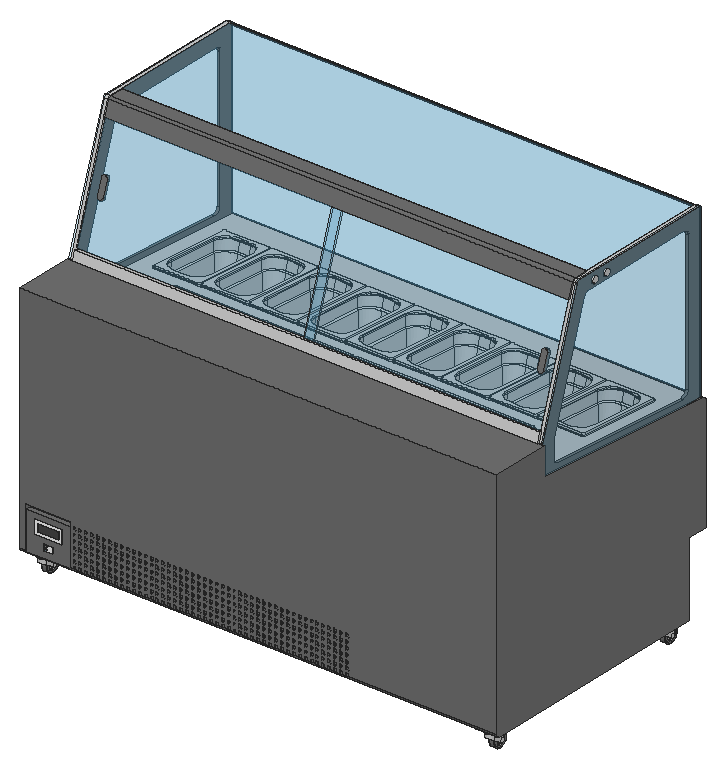
Revit family "QF_BLIZZARD_LUXE12_250923021643", category Specialty Equipment, Revit 2021 (continued)
Definition of nested family "QF_BLIZZARD_SUNDAE12_2920"
  Lines and regions (mm)
    symbolic lines
      curve 10: spline (1525, -418.376, 0) -> (1526.175, -418.299, 0) -> (1527.329, -418.07, 0) -> (1528.444, -417.693, 0) -> (1529.5, -417.174, 0) -> (1530.479, -416.522, 0) -> (1531.364, -415.748, 0) -> (1532.14, -414.866, 0) -> (1532.794, -413.89, 0) -> (1533.315, -412.838, 0) -> (1533.693, -411.727, 0) -> (1533.923, -410.576, 0) -> (1534, -409.405, 0)
      curve 11: spline (1375, -409.003, 0) -> (1375.051, -409.783, 0) -> (1375.204, -410.551, 0) -> (1375.457, -411.292, 0) -> (1375.804, -411.993, 0) -> (1376.24, -412.644, 0) -> (1376.757, -413.232, 0) -> (1377.347, -413.748, 0) -> (1378, -414.182, 0) -> (1378.704, -414.528, 0) -> (1379.447, -414.78, 0) -> (1380.217, -414.932, 0) -> (1381, -414.983, 0)
      curve 12: spline (1372, -409.405, 0) -> (1372.077, -410.576, 0) -> (1372.307, -411.727, 0) -> (1372.685, -412.838, 0) -> (1373.206, -413.89, 0) -> (1373.86, -414.866, 0) -> (1374.636, -415.748, 0) -> (1375.521, -416.522, 0) -> (1376.5, -417.174, 0) -> (1377.556, -417.693, 0) -> (1378.671, -418.07, 0) -> (1379.825, -418.299, 0) -> (1381, -418.376, 0)
      curve 13: line (1375, -122.932, 0) -> (1375, -409.003, 0)
      curve 14: line (1372, -123.333, 0) -> (1372, -409.405, 0)
      curve 15: spline (1531, -122.932, 0) -> (1530.949, -122.151, 0) -> (1530.796, -121.384, 0) -> (1530.543, -120.643, 0) -> (1530.196, -119.941, 0) -> (1529.76, -119.291, 0) -> (1529.243, -118.703, 0) -> (1528.653, -118.187, 0) -> (1528, -117.752, 0) -> (1527.296, -117.406, 0) -> (1526.553, -117.155, 0) -> (1525.783, -117.002, 0) -> (1525, -116.951, 0)
      curve 16: spline (1534, -123.333, 0) -> (1533.923, -122.163, 0) -> (1533.693, -121.012, 0) -> (1533.315, -119.9, 0) -> (1532.794, -118.848, 0) -> (1532.14, -117.872, 0) -> (1531.364, -116.99, 0) -> (1530.479, -116.216, 0) -> (1529.5, -115.564, 0) -> (1528.444, -115.045, 0) -> (1527.329, -114.668, 0) -> (1526.175, -114.439, 0) -> (1525, -114.363, 0)
      curve 17: line (1525, -114.363, 0) -> (1381, -114.363, 0)
      curve 18: line (1525, -116.951, 0) -> (1381, -116.951, 0)
      curve 19: spline (1381, -116.951, 0) -> (1380.217, -117.002, 0) -> (1379.447, -117.155, 0) -> (1378.704, -117.406, 0) -> (1378, -117.752, 0) -> (1377.347, -118.187, 0) -> (1376.757, -118.703, 0) -> (1376.24, -119.291, 0) -> (1375.804, -119.941, 0) -> (1375.457, -120.643, 0) -> (1375.204, -121.384, 0) -> (1375.051, -122.151, 0) -> (1375, -122.932, 0)
      curve 20: spline (1381, -114.363, 0) -> (1379.825, -114.439, 0) -> (1378.671, -114.668, 0) -> (1377.556, -115.045, 0) -> (1376.5, -115.564, 0) -> (1375.521, -116.216, 0) -> (1374.636, -116.99, 0) -> (1373.86, -117.872, 0) -> (1373.206, -118.848, 0) -> (1372.685, -119.9, 0) -> (1372.307, -121.012, 0) -> (1372.077, -122.163, 0) -> (1372, -123.333, 0)
      curve 21: spline (1519.5, -355.193, 0) -> (1519.089, -361.438, 0) -> (1517.864, -367.576, 0) -> (1515.846, -373.502, 0) -> (1513.069, -379.115, 0) -> (1509.581, -384.319, 0) -> (1505.441, -389.024, 0) -> (1500.721, -393.151, 0) -> (1495.5, -396.628, 0) -> (1489.869, -399.396, 0) -> (1483.923, -401.407, 0) -> (1477.765, -402.628, 0) -> (1471.5, -403.038, 0)
      curve 22: line (1471.5, -403.038, 0) -> (1434.5, -403.038, 0)
      curve 23: spline (1434.5, -403.038, 0) -> (1428.235, -402.628, 0) -> (1422.077, -401.407, 0) -> (1416.131, -399.396, 0) -> (1410.5, -396.628, 0) -> (1405.279, -393.151, 0) -> (1400.559, -389.024, 0) -> (1396.419, -384.319, 0) -> (1392.931, -379.115, 0) -> (1390.154, -373.502, 0) -> (1388.136, -367.576, 0) -> (1386.911, -361.438, 0) -> (1386.5, -355.193, 0)
      curve 24: line (1386.5, -355.193, 0) -> (1386.5, -176.741, 0)
      curve 25: line (1519.5, -176.741, 0) -> (1519.5, -355.193, 0)
      curve 26: spline (1386.5, -176.741, 0) -> (1386.911, -170.496, 0) -> (1388.136, -164.358, 0) -> (1390.154, -158.432, 0) -> (1392.931, -152.819, 0) -> (1396.419, -147.615, 0) -> (1400.559, -142.91, 0) -> (1405.279, -138.784, 0) -> (1410.5, -135.307, 0) -> (1416.131, -132.539, 0) -> (1422.077, -130.527, 0) -> (1428.235, -129.306, 0) -> (1434.5, -128.897, 0)
      curve 27: line (1434.5, -128.897, 0) -> (1471.5, -128.897, 0)
      curve 28: spline (1471.5, -128.897, 0) -> (1477.765, -129.306, 0) -> (1483.923, -130.527, 0) -> (1489.869, -132.539, 0) -> (1495.5, -135.307, 0) -> (1500.721, -138.784, 0) -> (1505.441, -142.91, 0) -> (1509.581, -147.615, 0) -> (1513.069, -152.819, 0) -> (1515.846, -158.432, 0) -> (1517.864, -164.358, 0) -> (1519.089, -170.496, 0) -> (1519.5, -176.741, 0)
      curve 29: line (1369, -409.003, 0) -> (1369, -122.932, 0)
      curve 30: spline (1363, -414.983, 0) -> (1363.783, -414.932, 0) -> (1364.553, -414.78, 0) -> (1365.296, -414.528, 0) -> (1366, -414.182, 0) -> (1366.653, -413.748, 0) -> (1367.243, -413.232, 0) -> (1367.76, -412.644, 0) -> (1368.196, -411.993, 0) -> (1368.543, -411.292, 0) -> (1368.796, -410.551, 0) -> (1368.949, -409.783, 0) -> (1369, -409.003, 0)
      curve 31: line (1219, -414.983, 0) -> (1363, -414.983, 0)
      curve 32: line (1219, -418.376, 0) -> (1363, -418.376, 0)
      curve 33: spline (1363, -418.376, 0) -> (1364.175, -418.299, 0) -> (1365.329, -418.07, 0) -> (1366.444, -417.693, 0) -> (1367.5, -417.174, 0) -> (1368.479, -416.522, 0) -> (1369.364, -415.748, 0) -> (1370.14, -414.866, 0) -> (1370.794, -413.89, 0) -> (1371.315, -412.838, 0) -> (1371.693, -411.727, 0) -> (1371.923, -410.576, 0) -> (1372, -409.405, 0)
      curve 34: spline (1213, -409.003, 0) -> (1213.051, -409.783, 0) -> (1213.204, -410.551, 0) -> (1213.457, -411.292, 0) -> (1213.804, -411.993, 0) -> (1214.24, -412.644, 0) -> (1214.757, -413.232, 0) -> (1215.347, -413.748, 0) -> (1216, -414.182, 0) -> (1216.704, -414.528, 0) -> (1217.447, -414.78, 0) -> (1218.217, -414.932, 0) -> (1219, -414.983, 0)
      curve 35: spline (1210, -409.405, 0) -> (1210.077, -410.576, 0) -> (1210.307, -411.727, 0) -> (1210.685, -412.838, 0) -> (1211.206, -413.89, 0) -> (1211.86, -414.866, 0) -> (1212.636, -415.748, 0) -> (1213.521, -416.522, 0) -> (1214.5, -417.174, 0) -> (1215.556, -417.693, 0) -> (1216.671, -418.07, 0) -> (1217.825, -418.299, 0) -> (1219, -418.376, 0)
      curve 36: line (1213, -122.932, 0) -> (1213, -409.003, 0)
      curve 37: line (1210, -123.333, 0) -> (1210, -409.405, 0)
      curve 38: spline (1369, -122.932, 0) -> (1368.949, -122.151, 0) -> (1368.796, -121.384, 0) -> (1368.543, -120.643, 0) -> (1368.196, -119.941, 0) -> (1367.76, -119.291, 0) -> (1367.243, -118.703, 0) -> (1366.653, -118.187, 0) -> (1366, -117.752, 0) -> (1365.296, -117.406, 0) -> (1364.553, -117.155, 0) -> (1363.783, -117.002, 0) -> (1363, -116.951, 0)
      curve 39: spline (1372, -123.333, 0) -> (1371.923, -122.163, 0) -> (1371.693, -121.012, 0) -> (1371.315, -119.9, 0) -> (1370.794, -118.848, 0) -> (1370.14, -117.872, 0) -> (1369.364, -116.99, 0) -> (1368.479, -116.216, 0) -> (1367.5, -115.564, 0) -> (1366.444, -115.045, 0) -> (1365.329, -114.668, 0) -> (1364.175, -114.439, 0) -> (1363, -114.363, 0)
      curve 40: line (1363, -114.363, 0) -> (1219, -114.363, 0)
      curve 41: line (1363, -116.951, 0) -> (1219, -116.951, 0)
      curve 42: spline (1219, -116.951, 0) -> (1218.217, -117.002, 0) -> (1217.447, -117.155, 0) -> (1216.704, -117.406, 0) -> (1216, -117.752, 0) -> (1215.347, -118.187, 0) -> (1214.757, -118.703, 0) -> (1214.24, -119.291, 0) -> (1213.804, -119.941, 0) -> (1213.457, -120.643, 0) -> (1213.204, -121.384, 0) -> (1213.051, -122.151, 0) -> (1213, -122.932, 0)
      curve 43: spline (1219, -114.363, 0) -> (1217.825, -114.439, 0) -> (1216.671, -114.668, 0) -> (1215.556, -115.045, 0) -> (1214.5, -115.564, 0) -> (1213.521, -116.216, 0) -> (1212.636, -116.99, 0) -> (1211.86, -117.872, 0) -> (1211.206, -118.848, 0) -> (1210.685, -119.9, 0) -> (1210.307, -121.012, 0) -> (1210.077, -122.163, 0) -> (1210, -123.333, 0)
      curve 44: spline (1357.5, -355.193, 0) -> (1357.089, -361.438, 0) -> (1355.864, -367.576, 0) -> (1353.846, -373.502, 0) -> (1351.069, -379.115, 0) -> (1347.581, -384.319, 0) -> (1343.441, -389.024, 0) -> (1338.721, -393.151, 0) -> (1333.5, -396.628, 0) -> (1327.869, -399.396, 0) -> (1321.923, -401.407, 0) -> (1315.765, -402.628, 0) -> (1309.5, -403.038, 0)
      curve 45: line (1309.5, -403.038, 0) -> (1272.5, -403.038, 0)
      curve 46: spline (1272.5, -403.038, 0) -> (1266.235, -402.628, 0) -> (1260.077, -401.407, 0) -> (1254.131, -399.396, 0) -> (1248.5, -396.628, 0) -> (1243.279, -393.151, 0) -> (1238.559, -389.024, 0) -> (1234.419, -384.319, 0) -> (1230.931, -379.115, 0) -> (1228.154, -373.502, 0) -> (1226.136, -367.576, 0) -> (1224.911, -361.438, 0) -> (1224.5, -355.193, 0)
      curve 47: line (1224.5, -355.193, 0) -> (1224.5, -176.741, 0)
      curve 48: line (1357.5, -176.741, 0) -> (1357.5, -355.193, 0)
      curve 49: spline (1224.5, -176.741, 0) -> (1224.911, -170.496, 0) -> (1226.136, -164.358, 0) -> (1228.154, -158.432, 0) -> (1230.931, -152.819, 0) -> (1234.419, -147.615, 0) -> (1238.559, -142.91, 0) -> (1243.279, -138.784, 0) -> (1248.5, -135.307, 0) -> (1254.131, -132.539, 0) -> (1260.077, -130.527, 0) -> (1266.235, -129.306, 0) -> (1272.5, -128.897, 0)
      curve 50: line (1272.5, -128.897, 0) -> (1309.5, -128.897, 0)
      curve 51: spline (1309.5, -128.897, 0) -> (1315.765, -129.306, 0) -> (1321.923, -130.527, 0) -> (1327.869, -132.539, 0) -> (1333.5, -135.307, 0) -> (1338.721, -138.784, 0) -> (1343.441, -142.91, 0) -> (1347.581, -147.615, 0) -> (1351.069, -152.819, 0) -> (1353.846, -158.432, 0) -> (1355.864, -164.358, 0) -> (1357.089, -170.496, 0) -> (1357.5, -176.741, 0)
      curve 52: line (1207, -409.003, 0) -> (1207, -122.932, 0)
      curve 53: spline (1201, -414.983, 0) -> (1201.783, -414.932, 0) -> (1202.553, -414.78, 0) -> (1203.296, -414.528, 0) -> (1204, -414.182, 0) -> (1204.653, -413.748, 0) -> (1205.243, -413.232, 0) -> (1205.76, -412.644, 0) -> (1206.196, -411.993, 0) -> (1206.543, -411.292, 0) -> (1206.796, -410.551, 0) -> (1206.949, -409.783, 0) -> (1207, -409.003, 0)
      curve 54: line (1057, -414.983, 0) -> (1201, -414.983, 0)
      curve 55: line (1057, -418.376, 0) -> (1201, -418.376, 0)
      curve 56: spline (1201, -418.376, 0) -> (1202.175, -418.299, 0) -> (1203.329, -418.07, 0) -> (1204.444, -417.693, 0) -> (1205.5, -417.174, 0) -> (1206.479, -416.522, 0) -> (1207.364, -415.748, 0) -> (1208.14, -414.866, 0) -> (1208.794, -413.89, 0) -> (1209.315, -412.838, 0) -> (1209.693, -411.727, 0) -> (1209.923, -410.576, 0) -> (1210, -409.405, 0)
      curve 57: spline (1051, -409.003, 0) -> (1051.051, -409.783, 0) -> (1051.204, -410.551, 0) -> (1051.457, -411.292, 0) -> (1051.804, -411.993, 0) -> (1052.24, -412.644, 0) -> (1052.757, -413.232, 0) -> (1053.347, -413.748, 0) -> (1054, -414.182, 0) -> (1054.704, -414.528, 0) -> (1055.447, -414.78, 0) -> (1056.217, -414.932, 0) -> (1057, -414.983, 0)
      curve 58: spline (1048, -409.405, 0) -> (1048.077, -410.576, 0) -> (1048.307, -411.727, 0) -> (1048.685, -412.838, 0) -> (1049.206, -413.89, 0) -> (1049.86, -414.866, 0) -> (1050.636, -415.748, 0) -> (1051.521, -416.522, 0) -> (1052.5, -417.174, 0) -> (1053.556, -417.693, 0) -> (1054.671, -418.07, 0) -> (1055.825, -418.299, 0) -> (1057, -418.376, 0)
      curve 59: line (1051, -122.932, 0) -> (1051, -409.003, 0)
      curve 60: line (1048, -123.333, 0) -> (1048, -409.405, 0)
      curve 61: spline (1207, -122.932, 0) -> (1206.949, -122.151, 0) -> (1206.796, -121.384, 0) -> (1206.543, -120.643, 0) -> (1206.196, -119.941, 0) -> (1205.76, -119.291, 0) -> (1205.243, -118.703, 0) -> (1204.653, -118.187, 0) -> (1204, -117.752, 0) -> (1203.296, -117.406, 0) -> (1202.553, -117.155, 0) -> (1201.783, -117.002, 0) -> (1201, -116.951, 0)
      curve 62: spline (1210, -123.333, 0) -> (1209.923, -122.163, 0) -> (1209.693, -121.012, 0) -> (1209.315, -119.9, 0) -> (1208.794, -118.848, 0) -> (1208.14, -117.872, 0) -> (1207.364, -116.99, 0) -> (1206.479, -116.216, 0) -> (1205.5, -115.564, 0) -> (1204.444, -115.045, 0) -> (1203.329, -114.668, 0) -> (1202.175, -114.439, 0) -> (1201, -114.363, 0)
      curve 63: line (1201, -114.363, 0) -> (1057, -114.363, 0)
      curve 64: line (1201, -116.951, 0) -> (1057, -116.951, 0)
      curve 65: spline (1057, -116.951, 0) -> (1056.217, -117.002, 0) -> (1055.447, -117.155, 0) -> (1054.704, -117.406, 0) -> (1054, -117.752, 0) -> (1053.347, -118.187, 0) -> (1052.757, -118.703, 0) -> (1052.24, -119.291, 0) -> (1051.804, -119.941, 0) -> (1051.457, -120.643, 0) -> (1051.204, -121.384, 0) -> (1051.051, -122.151, 0) -> (1051, -122.932, 0)
      curve 66: spline (1057, -114.363, 0) -> (1055.825, -114.439, 0) -> (1054.671, -114.668, 0) -> (1053.556, -115.045, 0) -> (1052.5, -115.564, 0) -> (1051.521, -116.216, 0) -> (1050.636, -116.99, 0) -> (1049.86, -117.872, 0) -> (1049.206, -118.848, 0) -> (1048.685, -119.9, 0) -> (1048.307, -121.012, 0) -> (1048.077, -122.163, 0) -> (1048, -123.333, 0)
      curve 67: spline (1195.5, -355.193, 0) -> (1195.089, -361.438, 0) -> (1193.864, -367.576, 0) -> (1191.846, -373.502, 0) -> (1189.069, -379.115, 0) -> (1185.581, -384.319, 0) -> (1181.441, -389.024, 0) -> (1176.721, -393.151, 0) -> (1171.5, -396.628, 0) -> (1165.869, -399.396, 0) -> (1159.923, -401.407, 0) -> (1153.765, -402.628, 0) -> (1147.5, -403.038, 0)
      curve 68: line (1147.5, -403.038, 0) -> (1110.5, -403.038, 0)
      curve 69: spline (1110.5, -403.038, 0) -> (1104.235, -402.628, 0) -> (1098.077, -401.407, 0) -> (1092.131, -399.396, 0) -> (1086.5, -396.628, 0) -> (1081.279, -393.151, 0) -> (1076.559, -389.024, 0) -> (1072.419, -384.319, 0) -> (1068.931, -379.115, 0) -> (1066.154, -373.502, 0) -> (1064.136, -367.576, 0) -> (1062.911, -361.438, 0) -> (1062.5, -355.193, 0)
      curve 70: line (1062.5, -355.193, 0) -> (1062.5, -176.741, 0)
      curve 71: line (1195.5, -176.741, 0) -> (1195.5, -355.193, 0)
      curve 72: spline (1062.5, -176.741, 0) -> (1062.911, -170.496, 0) -> (1064.136, -164.358, 0) -> (1066.154, -158.432, 0) -> (1068.931, -152.819, 0) -> (1072.419, -147.615, 0) -> (1076.559, -142.91, 0) -> (1081.279, -138.784, 0) -> (1086.5, -135.307, 0) -> (1092.131, -132.539, 0) -> (1098.077, -130.527, 0) -> (1104.235, -129.306, 0) -> (1110.5, -128.897, 0)
      curve 73: line (1110.5, -128.897, 0) -> (1147.5, -128.897, 0)
      curve 74: spline (1147.5, -128.897, 0) -> (1153.765, -129.306, 0) -> (1159.923, -130.527, 0) -> (1165.869, -132.539, 0) -> (1171.5, -135.307, 0) -> (1176.721, -138.784, 0) -> (1181.441, -142.91, 0) -> (1185.581, -147.615, 0) -> (1189.069, -152.819, 0) -> (1191.846, -158.432, 0) -> (1193.864, -164.358, 0) -> (1195.089, -170.496, 0) -> (1195.5, -176.741, 0)
      curve 75: line (1045, -409.003, 0) -> (1045, -122.932, 0)
      curve 76: spline (1039, -414.983, 0) -> (1039.783, -414.932, 0) -> (1040.553, -414.78, 0) -> (1041.296, -414.528, 0) -> (1042, -414.182, 0) -> (1042.653, -413.748, 0) -> (1043.243, -413.232, 0) -> (1043.76, -412.644, 0) -> (1044.196, -411.993, 0) -> (1044.543, -411.292, 0) -> (1044.796, -410.551, 0) -> (1044.949, -409.783, 0) -> (1045, -409.003, 0)
      curve 77: line (895, -414.983, 0) -> (1039, -414.983, 0)
      curve 78: line (895, -418.376, 0) -> (1039, -418.376, 0)
      curve 79: spline (1039, -418.376, 0) -> (1040.175, -418.299, 0) -> (1041.329, -418.07, 0) -> (1042.444, -417.693, 0) -> (1043.5, -417.174, 0) -> (1044.479, -416.522, 0) -> (1045.364, -415.748, 0) -> (1046.14, -414.866, 0) -> (1046.794, -413.89, 0) -> (1047.315, -412.838, 0) -> (1047.693, -411.727, 0) -> (1047.923, -410.576, 0) -> (1048, -409.405, 0)
      curve 80: spline (889, -409.003, 0) -> (889.051, -409.783, 0) -> (889.204, -410.551, 0) -> (889.457, -411.292, 0) -> (889.804, -411.993, 0) -> (890.24, -412.644, 0) -> (890.757, -413.232, 0) -> (891.347, -413.748, 0) -> (892, -414.182, 0) -> (892.704, -414.528, 0) -> (893.447, -414.78, 0) -> (894.217, -414.932, 0) -> (895, -414.983, 0)
      curve 81: spline (886, -409.405, 0) -> (886.077, -410.576, 0) -> (886.307, -411.727, 0) -> (886.685, -412.838, 0) -> (887.206, -413.89, 0) -> (887.86, -414.866, 0) -> (888.636, -415.748, 0) -> (889.521, -416.522, 0) -> (890.5, -417.174, 0) -> (891.556, -417.693, 0) -> (892.671, -418.07, 0) -> (893.825, -418.299, 0) -> (895, -418.376, 0)
      curve 82: line (889, -122.932, 0) -> (889, -409.003, 0)
      curve 83: line (886, -123.333, 0) -> (886, -409.405, 0)
      curve 84: spline (1045, -122.932, 0) -> (1044.949, -122.151, 0) -> (1044.796, -121.384, 0) -> (1044.543, -120.643, 0) -> (1044.196, -119.941, 0) -> (1043.76, -119.291, 0) -> (1043.243, -118.703, 0) -> (1042.653, -118.187, 0) -> (1042, -117.752, 0) -> (1041.296, -117.406, 0) -> (1040.553, -117.155, 0) -> (1039.783, -117.002, 0) -> (1039, -116.951, 0)
      curve 85: spline (1048, -123.333, 0) -> (1047.923, -122.163, 0) -> (1047.693, -121.012, 0) -> (1047.315, -119.9, 0) -> (1046.794, -118.848, 0) -> (1046.14, -117.872, 0) -> (1045.364, -116.99, 0) -> (1044.479, -116.216, 0) -> (1043.5, -115.564, 0) -> (1042.444, -115.045, 0) -> (1041.329, -114.668, 0) -> (1040.175, -114.439, 0) -> (1039, -114.363, 0)
      curve 86: line (1039, -114.363, 0) -> (895, -114.363, 0)
      curve 87: line (1039, -116.951, 0) -> (895, -116.951, 0)
      curve 88: spline (895, -116.951, 0) -> (894.217, -117.002, 0) -> (893.447, -117.155, 0) -> (892.704, -117.406, 0) -> (892, -117.752, 0) -> (891.347, -118.187, 0) -> (890.757, -118.703, 0) -> (890.24, -119.291, 0) -> (889.804, -119.941, 0) -> (889.457, -120.643, 0) -> (889.204, -121.384, 0) -> (889.051, -122.151, 0) -> (889, -122.932, 0)
      curve 89: spline (895, -114.363, 0) -> (893.825, -114.439, 0) -> (892.671, -114.668, 0) -> (891.556, -115.045, 0) -> (890.5, -115.564, 0) -> (889.521, -116.216, 0) -> (888.636, -116.99, 0) -> (887.86, -117.872, 0) -> (887.206, -118.848, 0) -> (886.685, -119.9, 0) -> (886.307, -121.012, 0) -> (886.077, -122.163, 0) -> (886, -123.333, 0)
      curve 90: spline (1033.5, -355.193, 0) -> (1033.089, -361.438, 0) -> (1031.864, -367.576, 0) -> (1029.846, -373.502, 0) -> (1027.069, -379.115, 0) -> (1023.581, -384.319, 0) -> (1019.441, -389.024, 0) -> (1014.721, -393.151, 0) -> (1009.5, -396.628, 0) -> (1003.869, -399.396, 0) -> (997.923, -401.407, 0) -> (991.765, -402.628, 0) -> (985.5, -403.038, 0)
      curve 91: line (985.5, -403.038, 0) -> (948.5, -403.038, 0)
      curve 92: spline (948.5, -403.038, 0) -> (942.235, -402.628, 0) -> (936.077, -401.407, 0) -> (930.131, -399.396, 0) -> (924.5, -396.628, 0) -> (919.279, -393.151, 0) -> (914.559, -389.024, 0) -> (910.419, -384.319, 0) -> (906.931, -379.115, 0) -> (904.154, -373.502, 0) -> (902.136, -367.576, 0) -> (900.911, -361.438, 0) -> (900.5, -355.193, 0)
      curve 93: line (900.5, -355.193, 0) -> (900.5, -176.741, 0)
      curve 94: line (1033.5, -176.741, 0) -> (1033.5, -355.193, 0)
      curve 95: spline (900.5, -176.741, 0) -> (900.911, -170.496, 0) -> (902.136, -164.358, 0) -> (904.154, -158.432, 0) -> (906.931, -152.819, 0) -> (910.419, -147.615, 0) -> (914.559, -142.91, 0) -> (919.279, -138.784, 0) -> (924.5, -135.307, 0) -> (930.131, -132.539, 0) -> (936.077, -130.527, 0) -> (942.235, -129.306, 0) -> (948.5, -128.897, 0)
      curve 96: line (948.5, -128.897, 0) -> (985.5, -128.897, 0)
      curve 97: spline (985.5, -128.897, 0) -> (991.765, -129.306, 0) -> (997.923, -130.527, 0) -> (1003.869, -132.539, 0) -> (1009.5, -135.307, 0) -> (1014.721, -138.784, 0) -> (1019.441, -142.91, 0) -> (1023.581, -147.615, 0) -> (1027.069, -152.819, 0) -> (1029.846, -158.432, 0) -> (1031.864, -164.358, 0) -> (1033.089, -170.496, 0) -> (1033.5, -176.741, 0)
      curve 98: line (883, -409.003, 0) -> (883, -122.932, 0)
      curve 99: spline (877, -414.983, 0) -> (877.783, -414.932, 0) -> (878.553, -414.78, 0) -> (879.296, -414.528, 0) -> (880, -414.182, 0) -> (880.653, -413.748, 0) -> (881.243, -413.232, 0) -> (881.76, -412.644, 0) -> (882.196, -411.993, 0) -> (882.543, -411.292, 0) -> (882.796, -410.551, 0) -> (882.949, -409.783, 0) -> (883, -409.003, 0)
      curve 100: line (733, -414.983, 0) -> (877, -414.983, 0)
      curve 101: line (733, -418.376, 0) -> (877, -418.376, 0)
      curve 102: spline (877, -418.376, 0) -> (878.175, -418.299, 0) -> (879.329, -418.07, 0) -> (880.444, -417.693, 0) -> (881.5, -417.174, 0) -> (882.479, -416.522, 0) -> (883.364, -415.748, 0) -> (884.14, -414.866, 0) -> (884.794, -413.89, 0) -> (885.315, -412.838, 0) -> (885.693, -411.727, 0) -> (885.923, -410.576, 0) -> (886, -409.405, 0)
      curve 103: spline (727, -409.003, 0) -> (727.051, -409.783, 0) -> (727.204, -410.551, 0) -> (727.457, -411.292, 0) -> (727.804, -411.993, 0) -> (728.24, -412.644, 0) -> (728.757, -413.232, 0) -> (729.347, -413.748, 0) -> (730, -414.182, 0) -> (730.704, -414.528, 0) -> (731.447, -414.78, 0) -> (732.217, -414.932, 0) -> (733, -414.983, 0)
      curve 104: spline (724, -409.405, 0) -> (724.077, -410.576, 0) -> (724.307, -411.727, 0) -> (724.685, -412.838, 0) -> (725.206, -413.89, 0) -> (725.86, -414.866, 0) -> (726.636, -415.748, 0) -> (727.521, -416.522, 0) -> (728.5, -417.174, 0) -> (729.556, -417.693, 0) -> (730.671, -418.07, 0) -> (731.825, -418.299, 0) -> (733, -418.376, 0)
      curve 105: line (727, -122.932, 0) -> (727, -409.003, 0)
      curve 106: line (724, -123.333, 0) -> (724, -409.405, 0)
      curve 107: spline (883, -122.932, 0) -> (882.949, -122.151, 0) -> (882.796, -121.384, 0) -> (882.543, -120.643, 0) -> (882.196, -119.941, 0) -> (881.76, -119.291, 0) -> (881.243, -118.703, 0) -> (880.653, -118.187, 0) -> (880, -117.752, 0) -> (879.296, -117.406, 0) -> (878.553, -117.155, 0) -> (877.783, -117.002, 0) -> (877, -116.951, 0)
      curve 108: spline (886, -123.333, 0) -> (885.923, -122.163, 0) -> (885.693, -121.012, 0) -> (885.315, -119.9, 0) -> (884.794, -118.848, 0) -> (884.14, -117.872, 0) -> (883.364, -116.99, 0) -> (882.479, -116.216, 0) -> (881.5, -115.564, 0) -> (880.444, -115.045, 0) -> (879.329, -114.668, 0) -> (878.175, -114.439, 0) -> (877, -114.363, 0)
      curve 109: line (877, -114.363, 0) -> (733, -114.363, 0)
      curve 110: line (877, -116.951, 0) -> (733, -116.951, 0)
      curve 111: spline (733, -116.951, 0) -> (732.217, -117.002, 0) -> (731.447, -117.155, 0) -> (730.704, -117.406, 0) -> (730, -117.752, 0) -> (729.347, -118.187, 0) -> (728.757, -118.703, 0) -> (728.24, -119.291, 0) -> (727.804, -119.941, 0) -> (727.457, -120.643, 0) -> (727.204, -121.384, 0) -> (727.051, -122.151, 0) -> (727, -122.932, 0)
      curve 112: spline (733, -114.363, 0) -> (731.825, -114.439, 0) -> (730.671, -114.668, 0) -> (729.556, -115.045, 0) -> (728.5, -115.564, 0) -> (727.521, -116.216, 0) -> (726.636, -116.99, 0) -> (725.86, -117.872, 0) -> (725.206, -118.848, 0) -> (724.685, -119.9, 0) -> (724.307, -121.012, 0) -> (724.077, -122.163, 0) -> (724, -123.333, 0)
      curve 113: spline (871.5, -355.193, 0) -> (871.089, -361.438, 0) -> (869.864, -367.576, 0) -> (867.846, -373.502, 0) -> (865.069, -379.115, 0) -> (861.581, -384.319, 0) -> (857.441, -389.024, 0) -> (852.721, -393.151, 0) -> (847.5, -396.628, 0) -> (841.869, -399.396, 0) -> (835.923, -401.407, 0) -> (829.765, -402.628, 0) -> (823.5, -403.038, 0)
      curve 114: line (823.5, -403.038, 0) -> (786.5, -403.038, 0)
      curve 115: spline (786.5, -403.038, 0) -> (780.235, -402.628, 0) -> (774.077, -401.407, 0) -> (768.131, -399.396, 0) -> (762.5, -396.628, 0) -> (757.279, -393.151, 0) -> (752.559, -389.024, 0) -> (748.419, -384.319, 0) -> (744.931, -379.115, 0) -> (742.154, -373.502, 0) -> (740.136, -367.576, 0) -> (738.911, -361.438, 0) -> (738.5, -355.193, 0)
      curve 116: line (738.5, -355.193, 0) -> (738.5, -176.741, 0)
      curve 117: line (871.5, -176.741, 0) -> (871.5, -355.193, 0)
      curve 118: spline (738.5, -176.741, 0) -> (738.911, -170.496, 0) -> (740.136, -164.358, 0) -> (742.154, -158.432, 0) -> (744.931, -152.819, 0) -> (748.419, -147.615, 0) -> (752.559, -142.91, 0) -> (757.279, -138.784, 0) -> (762.5, -135.307, 0) -> (768.131, -132.539, 0) -> (774.077, -130.527, 0) -> (780.235, -129.306, 0) -> (786.5, -128.897, 0)
      curve 119: line (786.5, -128.897, 0) -> (823.5, -128.897, 0)
      curve 120: spline (823.5, -128.897, 0) -> (829.765, -129.306, 0) -> (835.923, -130.527, 0) -> (841.869, -132.539, 0) -> (847.5, -135.307, 0) -> (852.721, -138.784, 0) -> (857.441, -142.91, 0) -> (861.581, -147.615, 0) -> (865.069, -152.819, 0) -> (867.846, -158.432, 0) -> (869.864, -164.358, 0) -> (871.089, -170.496, 0) -> (871.5, -176.741, 0)
      curve 121: line (1610, -679, 0) -> (0, -679, 0)
      curve 122: line (70, -612.35, 0) -> (70, -596.072, 0)
      curve 123: spline (70, -612.35, 0) -> (69.659, -613.193, 0) -> (68.66, -613.978, 0) -> (67.071, -614.652, 0) -> (65, -615.17, 0) -> (62.588, -615.495, 0) -> (60, -615.606, 0) -> (57.412, -615.495, 0) -> (55, -615.17, 0) -> (52.929, -614.652, 0) -> (51.34, -613.978, 0) -> (50.341, -613.193, 0) -> (50, -612.35, 0)
      curve 124: line (50, -596.072, 0) -> (50, -612.35, 0)
      curve 125: spline (50, -596.072, 0) -> (50.341, -595.229, 0) -> (51.34, -594.444, 0) -> (52.929, -593.77, 0) -> (55, -593.252, 0) -> (57.412, -592.927, 0) -> (60, -592.816, 0) -> (62.588, -592.927, 0) -> (65, -593.252, 0) -> (67.071, -593.77, 0) -> (68.66, -594.444, 0) -> (69.659, -595.229, 0) -> (70, -596.072, 0)
      curve 126: spline (1540, -600.799, 0) -> (1540.341, -599.957, 0) -> (1541.34, -599.171, 0) -> (1542.929, -598.497, 0) -> (1545, -597.98, 0) -> (1547.412, -597.655, 0) -> (1550, -597.544, 0) -> (1552.588, -597.655, 0) -> (1555, -597.98, 0) -> (1557.071, -598.497, 0) -> (1558.66, -599.171, 0) -> (1559.659, -599.957, 0) -> (1560, -600.799, 0)
      curve 127: line (1560, -617.078, 0) -> (1560, -600.799, 0)
      curve 128: spline (1560, -617.078, 0) -> (1559.659, -617.92, 0) -> (1558.66, -618.706, 0) -> (1557.071, -619.38, 0) -> (1555, -619.897, 0) -> (1552.588, -620.222, 0) -> (1550, -620.333, 0) -> (1547.412, -620.222, 0) -> (1545, -619.897, 0) -> (1542.929, -619.38, 0) -> (1541.34, -618.706, 0) -> (1540.341, -617.92, 0) -> (1540, -617.078, 0)
      curve 129: line (1540, -600.799, 0) -> (1540, -617.078, 0)
      curve 130: line (1590, 1, 0) -> (1590, -679, 0)
      curve 131: line (20, -679, 0) -> (20, 1, 0)
      curve 132: line (1590, -473.462, 0) -> (20, -473.462, 0)
      curve 133: line (1590, -549.195, 0) -> (20, -549.195, 0)
      curve 134: line (1414, -620.214, 0) -> (1414, -549.195, 0)
      curve 135: spline (1405, -629.185, 0) -> (1406.175, -629.108, 0) -> (1407.329, -628.879, 0) -> (1408.444, -628.502, 0) -> (1409.5, -627.983, 0) -> (1410.479, -627.331, 0) -> (1411.364, -626.557, 0) -> (1412.14, -625.675, 0) -> (1412.794, -624.699, 0) -> (1413.315, -623.647, 0) -> (1413.693, -622.536, 0) -> (1413.923, -621.385, 0) -> (1414, -620.214, 0)
      curve 136: line (1118, -629.185, 0) -> (1405, -629.185, 0)
      curve 137: line (1109, -549.195, 0) -> (1109, -620.214, 0)
      curve 138: spline (1109, -620.214, 0) -> (1109.077, -621.385, 0) -> (1109.307, -622.536, 0) -> (1109.685, -623.647, 0) -> (1110.206, -624.699, 0) -> (1110.86, -625.675, 0) -> (1111.636, -626.557, 0) -> (1112.521, -627.331, 0) -> (1113.5, -627.983, 0) -> (1114.556, -628.502, 0) -> (1115.671, -628.879, 0) -> (1116.825, -629.108, 0) -> (1118, -629.185, 0)
      curve 139: spline (1100, -629.185, 0) -> (1101.175, -629.108, 0) -> (1102.329, -628.879, 0) -> (1103.444, -628.502, 0) -> (1104.5, -627.983, 0) -> (1105.479, -627.331, 0) -> (1106.364, -626.557, 0) -> (1107.14, -625.675, 0) -> (1107.794, -624.699, 0) -> (1108.315, -623.647, 0) -> (1108.693, -622.536, 0) -> (1108.923, -621.385, 0) -> (1109, -620.214, 0)
      curve 140: line (813, -629.185, 0) -> (1100, -629.185, 0)
      curve 141: spline (804, -620.214, 0) -> (804.077, -621.385, 0) -> (804.307, -622.536, 0) -> (804.685, -623.647, 0) -> (805.206, -624.699, 0) -> (805.86, -625.675, 0) -> (806.636, -626.557, 0) -> (807.521, -627.331, 0) -> (808.5, -627.983, 0) -> (809.556, -628.502, 0) -> (810.671, -628.879, 0) -> (811.825, -629.108, 0) -> (813, -629.185, 0)
      curve 142: line (804, -549.195, 0) -> (804, -620.214, 0)
      curve 143: line (818.985, -566.485, 0) -> (818.985, -549.195, 0)
      curve 144: spline (866.985, -614.33, 0) -> (860.719, -613.92, 0) -> (854.561, -612.699, 0) -> (848.616, -610.688, 0) -> (842.985, -607.92, 0) -> (837.764, -604.443, 0) -> (833.043, -600.316, 0) -> (828.904, -595.611, 0) -> (825.415, -590.407, 0) -> (822.638, -584.794, 0) -> (820.62, -578.868, 0) -> (819.395, -572.73, 0) -> (818.985, -566.485, 0)
      curve 145: line (1046.015, -614.33, 0) -> (866.985, -614.33, 0)
      curve 146: spline (1094.015, -566.485, 0) -> (1093.605, -572.73, 0) -> (1092.38, -578.868, 0) -> (1090.362, -584.794, 0) -> (1087.585, -590.407, 0) -> (1084.096, -595.611, 0) -> (1079.957, -600.316, 0) -> (1075.236, -604.443, 0) -> (1070.015, -607.92, 0) -> (1064.384, -610.688, 0) -> (1058.439, -612.699, 0) -> (1052.281, -613.92, 0) -> (1046.015, -614.33, 0)
      curve 147: line (1123.985, -566.485, 0) -> (1123.985, -549.195, 0)
      curve 148: spline (1171.985, -614.33, 0) -> (1165.719, -613.92, 0) -> (1159.561, -612.699, 0) -> (1153.616, -610.688, 0) -> (1147.985, -607.92, 0) -> (1142.764, -604.443, 0) -> (1138.043, -600.316, 0) -> (1133.904, -595.611, 0) -> (1130.415, -590.407, 0) -> (1127.638, -584.794, 0) -> (1125.62, -578.868, 0) -> (1124.395, -572.73, 0) -> (1123.985, -566.485, 0)
      curve 149: line (1351.015, -614.33, 0) -> (1171.985, -614.33, 0)
      curve 150: spline (1399.015, -566.485, 0) -> (1398.605, -572.73, 0) -> (1397.38, -578.868, 0) -> (1395.362, -584.794, 0) -> (1392.585, -590.407, 0) -> (1389.096, -595.611, 0) -> (1384.957, -600.316, 0) -> (1380.236, -604.443, 0) -> (1375.015, -607.92, 0) -> (1369.384, -610.688, 0) -> (1363.439, -612.699, 0) -> (1357.281, -613.92, 0) -> (1351.015, -614.33, 0)
      curve 151: line (1399.015, -549.195, 0) -> (1399.015, -566.485, 0)
      curve 152: line (1405, -467.709, 0) -> (1118, -467.709, 0)
      curve 153: line (1100, -467.709, 0) -> (813, -467.709, 0)
      curve 154: spline (813, -467.709, 0) -> (812.099, -467.754, 0) -> (811.206, -467.889, 0) -> (810.332, -468.112, 0) -> (809.484, -468.422, 0) -> (808.672, -468.814, 0) -> (807.904, -469.286, 0) -> (807.186, -469.832, 0) -> (806.527, -470.446, 0) -> (805.934, -471.124, 0) -> (805.411, -471.857, 0) -> (804.964, -472.639, 0) -> (804.599, -473.462, 0)
      curve 155: spline (1118, -467.709, 0) -> (1117.099, -467.754, 0) -> (1116.206, -467.889, 0) -> (1115.332, -468.112, 0) -> (1114.484, -468.422, 0) -> (1113.672, -468.814, 0) -> (1112.904, -469.286, 0) -> (1112.186, -469.832, 0) -> (1111.527, -470.446, 0) -> (1110.934, -471.124, 0) -> (1110.411, -471.857, 0) -> (1109.964, -472.639, 0) -> (1109.599, -473.462, 0)
      curve 156: spline (1108.401, -473.462, 0) -> (1108.036, -472.639, 0) -> (1107.589, -471.857, 0) -> (1107.066, -471.124, 0) -> (1106.473, -470.446, 0) -> (1105.814, -469.832, 0) -> (1105.096, -469.286, 0) -> (1104.328, -468.814, 0) -> (1103.516, -468.422, 0) -> (1102.668, -468.112, 0) -> (1101.794, -467.889, 0) -> (1100.901, -467.754, 0) -> (1100, -467.709, 0)
      curve 157: spline (1413.401, -473.462, 0) -> (1413.036, -472.639, 0) -> (1412.589, -471.857, 0) -> (1412.066, -471.124, 0) -> (1411.473, -470.446, 0) -> (1410.814, -469.832, 0) -> (1410.096, -469.286, 0) -> (1409.328, -468.814, 0) -> (1408.516, -468.422, 0) -> (1407.668, -468.112, 0) -> (1406.794, -467.889, 0) -> (1405.901, -467.754, 0) -> (1405, -467.709, 0)
      curve 158: line (1094.015, -566.485, 0) -> (1094.015, -549.195, 0)
      curve 159: spline (795, -629.185, 0) -> (796.175, -629.108, 0) -> (797.329, -628.879, 0) -> (798.444, -628.502, 0) -> (799.5, -627.983, 0) -> (800.479, -627.331, 0) -> (801.364, -626.557, 0) -> (802.14, -625.675, 0) -> (802.794, -624.699, 0) -> (803.315, -623.647, 0) -> (803.693, -622.536, 0) -> (803.923, -621.385, 0) -> (804, -620.214, 0)
      curve 160: line (508, -629.185, 0) -> (795, -629.185, 0)
      curve 161: spline (499, -620.214, 0) -> (499.077, -621.385, 0) -> (499.307, -622.536, 0) -> (499.685, -623.647, 0) -> (500.206, -624.699, 0) -> (500.86, -625.675, 0) -> (501.636, -626.557, 0) -> (502.521, -627.331, 0) -> (503.5, -627.983, 0) -> (504.556, -628.502, 0) -> (505.671, -628.879, 0) -> (506.825, -629.108, 0) -> (508, -629.185, 0)
      curve 162: line (499, -549.195, 0) -> (499, -620.214, 0)
      curve 163: line (513.985, -566.485, 0) -> (513.985, -549.195, 0)
      curve 164: spline (561.985, -614.33, 0) -> (555.719, -613.92, 0) -> (549.561, -612.699, 0) -> (543.616, -610.688, 0) -> (537.985, -607.92, 0) -> (532.764, -604.443, 0) -> (528.043, -600.316, 0) -> (523.904, -595.611, 0) -> (520.415, -590.407, 0) -> (517.638, -584.794, 0) -> (515.62, -578.868, 0) -> (514.395, -572.73, 0) -> (513.985, -566.485, 0)
      curve 165: line (741.015, -614.33, 0) -> (561.985, -614.33, 0)
      curve 166: spline (789.015, -566.485, 0) -> (788.605, -572.73, 0) -> (787.38, -578.868, 0) -> (785.362, -584.794, 0) -> (782.585, -590.407, 0) -> (779.096, -595.611, 0) -> (774.957, -600.316, 0) -> (770.236, -604.443, 0) -> (765.015, -607.92, 0) -> (759.384, -610.688, 0) -> (753.439, -612.699, 0) -> (747.281, -613.92, 0) -> (741.015, -614.33, 0)
      curve 167: line (795, -467.709, 0) -> (508, -467.709, 0)
      curve 168: spline (508, -467.709, 0) -> (507.099, -467.754, 0) -> (506.206, -467.889, 0) -> (505.332, -468.112, 0) -> (504.484, -468.422, 0) -> (503.672, -468.814, 0) -> (502.904, -469.286, 0) -> (502.186, -469.832, 0) -> (501.527, -470.446, 0) -> (500.934, -471.124, 0) -> (500.411, -471.857, 0) -> (499.964, -472.639, 0) -> (499.599, -473.462, 0)
      curve 169: spline (803.401, -473.462, 0) -> (803.036, -472.639, 0) -> (802.589, -471.857, 0) -> (802.066, -471.124, 0) -> (801.473, -470.446, 0) -> (800.814, -469.832, 0) -> (800.096, -469.286, 0) -> (799.328, -468.814, 0) -> (798.516, -468.422, 0) -> (797.668, -468.112, 0) -> (796.794, -467.889, 0) -> (795.901, -467.754, 0) -> (795, -467.709, 0)
      curve 170: line (789.015, -566.485, 0) -> (789.015, -549.195, 0)
      curve 171: line (721, -409.003, 0) -> (721, -122.932, 0)
      curve 172: spline (715, -414.983, 0) -> (715.783, -414.932, 0) -> (716.553, -414.78, 0) -> (717.296, -414.528, 0) -> (718, -414.182, 0) -> (718.653, -413.748, 0) -> (719.243, -413.232, 0) -> (719.76, -412.644, 0) -> (720.196, -411.993, 0) -> (720.543, -411.292, 0) -> (720.796, -410.551, 0) -> (720.949, -409.783, 0) -> (721, -409.003, 0)
      curve 173: line (571, -414.983, 0) -> (715, -414.983, 0)
      curve 174: line (571, -418.376, 0) -> (715, -418.376, 0)
      curve 175: spline (715, -418.376, 0) -> (716.175, -418.299, 0) -> (717.329, -418.07, 0) -> (718.444, -417.693, 0) -> (719.5, -417.174, 0) -> (720.479, -416.522, 0) -> (721.364, -415.748, 0) -> (722.14, -414.866, 0) -> (722.794, -413.89, 0) -> (723.315, -412.838, 0) -> (723.693, -411.727, 0) -> (723.923, -410.576, 0) -> (724, -409.405, 0)
      curve 176: spline (565, -409.003, 0) -> (565.051, -409.783, 0) -> (565.204, -410.551, 0) -> (565.457, -411.292, 0) -> (565.804, -411.993, 0) -> (566.24, -412.644, 0) -> (566.757, -413.232, 0) -> (567.347, -413.748, 0) -> (568, -414.182, 0) -> (568.704, -414.528, 0) -> (569.447, -414.78, 0) -> (570.217, -414.932, 0) -> (571, -414.983, 0)
      curve 177: spline (562, -409.405, 0) -> (562.077, -410.576, 0) -> (562.307, -411.727, 0) -> (562.685, -412.838, 0) -> (563.206, -413.89, 0) -> (563.86, -414.866, 0) -> (564.636, -415.748, 0) -> (565.521, -416.522, 0) -> (566.5, -417.174, 0) -> (567.556, -417.693, 0) -> (568.671, -418.07, 0) -> (569.825, -418.299, 0) -> (571, -418.376, 0)
      curve 178: line (565, -122.932, 0) -> (565, -409.003, 0)
      curve 179: line (562, -123.333, 0) -> (562, -409.405, 0)
      curve 180: spline (721, -122.932, 0) -> (720.949, -122.151, 0) -> (720.796, -121.384, 0) -> (720.543, -120.643, 0) -> (720.196, -119.941, 0) -> (719.76, -119.291, 0) -> (719.243, -118.703, 0) -> (718.653, -118.187, 0) -> (718, -117.752, 0) -> (717.296, -117.406, 0) -> (716.553, -117.155, 0) -> (715.783, -117.002, 0) -> (715, -116.951, 0)
      curve 181: spline (724, -123.333, 0) -> (723.923, -122.163, 0) -> (723.693, -121.012, 0) -> (723.315, -119.9, 0) -> (722.794, -118.848, 0) -> (722.14, -117.872, 0) -> (721.364, -116.99, 0) -> (720.479, -116.216, 0) -> (719.5, -115.564, 0) -> (718.444, -115.045, 0) -> (717.329, -114.668, 0) -> (716.175, -114.439, 0) -> (715, -114.363, 0)
      curve 182: line (715, -114.363, 0) -> (571, -114.363, 0)
      curve 183: line (715, -116.951, 0) -> (571, -116.951, 0)
      curve 184: spline (571, -116.951, 0) -> (570.217, -117.002, 0) -> (569.447, -117.155, 0) -> (568.704, -117.406, 0) -> (568, -117.752, 0) -> (567.347, -118.187, 0) -> (566.757, -118.703, 0) -> (566.24, -119.291, 0) -> (565.804, -119.941, 0) -> (565.457, -120.643, 0) -> (565.204, -121.384, 0) -> (565.051, -122.151, 0) -> (565, -122.932, 0)
      curve 185: spline (571, -114.363, 0) -> (569.825, -114.439, 0) -> (568.671, -114.668, 0) -> (567.556, -115.045, 0) -> (566.5, -115.564, 0) -> (565.521, -116.216, 0) -> (564.636, -116.99, 0) -> (563.86, -117.872, 0) -> (563.206, -118.848, 0) -> (562.685, -119.9, 0) -> (562.307, -121.012, 0) -> (562.077, -122.163, 0) -> (562, -123.333, 0)
      curve 186: spline (709.5, -355.193, 0) -> (709.089, -361.438, 0) -> (707.864, -367.576, 0) -> (705.846, -373.502, 0) -> (703.069, -379.115, 0) -> (699.581, -384.319, 0) -> (695.441, -389.024, 0) -> (690.721, -393.151, 0) -> (685.5, -396.628, 0) -> (679.869, -399.396, 0) -> (673.923, -401.407, 0) -> (667.765, -402.628, 0) -> (661.5, -403.038, 0)
      curve 187: line (661.5, -403.038, 0) -> (624.5, -403.038, 0)
      curve 188: spline (624.5, -403.038, 0) -> (618.235, -402.628, 0) -> (612.077, -401.407, 0) -> (606.131, -399.396, 0) -> (600.5, -396.628, 0) -> (595.279, -393.151, 0) -> (590.559, -389.024, 0) -> (586.419, -384.319, 0) -> (582.931, -379.115, 0) -> (580.154, -373.502, 0) -> (578.136, -367.576, 0) -> (576.911, -361.438, 0) -> (576.5, -355.193, 0)
      curve 189: line (576.5, -355.193, 0) -> (576.5, -176.741, 0)
      curve 190: line (709.5, -176.741, 0) -> (709.5, -355.193, 0)
      curve 191: spline (576.5, -176.741, 0) -> (576.911, -170.496, 0) -> (578.136, -164.358, 0) -> (580.154, -158.432, 0) -> (582.931, -152.819, 0) -> (586.419, -147.615, 0) -> (590.559, -142.91, 0) -> (595.279, -138.784, 0) -> (600.5, -135.307, 0) -> (606.131, -132.539, 0) -> (612.077, -130.527, 0) -> (618.235, -129.306, 0) -> (624.5, -128.897, 0)
      curve 192: line (624.5, -128.897, 0) -> (661.5, -128.897, 0)
      curve 193: spline (661.5, -128.897, 0) -> (667.765, -129.306, 0) -> (673.923, -130.527, 0) -> (679.869, -132.539, 0) -> (685.5, -135.307, 0) -> (690.721, -138.784, 0) -> (695.441, -142.91, 0) -> (699.581, -147.615, 0) -> (703.069, -152.819, 0) -> (705.846, -158.432, 0) -> (707.864, -164.358, 0) -> (709.089, -170.496, 0) -> (709.5, -176.741, 0)
      curve 194: line (559, -409.003, 0) -> (559, -122.932, 0)
      curve 195: spline (553, -414.983, 0) -> (553.783, -414.932, 0) -> (554.553, -414.78, 0) -> (555.296, -414.528, 0) -> (556, -414.182, 0) -> (556.653, -413.748, 0) -> (557.243, -413.232, 0) -> (557.76, -412.644, 0) -> (558.196, -411.993, 0) -> (558.543, -411.292, 0) -> (558.796, -410.551, 0) -> (558.949, -409.783, 0) -> (559, -409.003, 0)
      curve 196: line (409, -414.983, 0) -> (553, -414.983, 0)
      curve 197: line (409, -418.376, 0) -> (553, -418.376, 0)
      curve 198: spline (553, -418.376, 0) -> (554.175, -418.299, 0) -> (555.329, -418.07, 0) -> (556.444, -417.693, 0) -> (557.5, -417.174, 0) -> (558.479, -416.522, 0) -> (559.364, -415.748, 0) -> (560.14, -414.866, 0) -> (560.794, -413.89, 0) -> (561.315, -412.838, 0) -> (561.693, -411.727, 0) -> (561.923, -410.576, 0) -> (562, -409.405, 0)
      curve 199: spline (403, -409.003, 0) -> (403.051, -409.783, 0) -> (403.204, -410.551, 0) -> (403.457, -411.292, 0) -> (403.804, -411.993, 0) -> (404.24, -412.644, 0) -> (404.757, -413.232, 0) -> (405.347, -413.748, 0) -> (406, -414.182, 0) -> (406.704, -414.528, 0) -> (407.447, -414.78, 0) -> (408.217, -414.932, 0) -> (409, -414.983, 0)
      curve 200: spline (400, -409.405, 0) -> (400.077, -410.576, 0) -> (400.307, -411.727, 0) -> (400.685, -412.838, 0) -> (401.206, -413.89, 0) -> (401.86, -414.866, 0) -> (402.636, -415.748, 0) -> (403.521, -416.522, 0) -> (404.5, -417.174, 0) -> (405.556, -417.693, 0) -> (406.671, -418.07, 0) -> (407.825, -418.299, 0) -> (409, -418.376, 0)
      curve 201: line (403, -122.932, 0) -> (403, -409.003, 0)
      curve 202: line (400, -123.333, 0) -> (400, -409.405, 0)
      curve 203: spline (559, -122.932, 0) -> (558.949, -122.151, 0) -> (558.796, -121.384, 0) -> (558.543, -120.643, 0) -> (558.196, -119.941, 0) -> (557.76, -119.291, 0) -> (557.243, -118.703, 0) -> (556.653, -118.187, 0) -> (556, -117.752, 0) -> (555.296, -117.406, 0) -> (554.553, -117.155, 0) -> (553.783, -117.002, 0) -> (553, -116.951, 0)
      curve 204: spline (562, -123.333, 0) -> (561.923, -122.163, 0) -> (561.693, -121.012, 0) -> (561.315, -119.9, 0) -> (560.794, -118.848, 0) -> (560.14, -117.872, 0) -> (559.364, -116.99, 0) -> (558.479, -116.216, 0) -> (557.5, -115.564, 0) -> (556.444, -115.045, 0) -> (555.329, -114.668, 0) -> (554.175, -114.439, 0) -> (553, -114.363, 0)
      curve 205: line (553, -114.363, 0) -> (409, -114.363, 0)
      curve 206: line (553, -116.951, 0) -> (409, -116.951, 0)
      curve 207: spline (409, -116.951, 0) -> (408.217, -117.002, 0) -> (407.447, -117.155, 0) -> (406.704, -117.406, 0) -> (406, -117.752, 0) -> (405.347, -118.187, 0) -> (404.757, -118.703, 0) -> (404.24, -119.291, 0) -> (403.804, -119.941, 0) -> (403.457, -120.643, 0) -> (403.204, -121.384, 0) -> (403.051, -122.151, 0) -> (403, -122.932, 0)
      curve 208: spline (409, -114.363, 0) -> (407.825, -114.439, 0) -> (406.671, -114.668, 0) -> (405.556, -115.045, 0) -> (404.5, -115.564, 0) -> (403.521, -116.216, 0) -> (402.636, -116.99, 0) -> (401.86, -117.872, 0) -> (401.206, -118.848, 0) -> (400.685, -119.9, 0) -> (400.307, -121.012, 0) -> (400.077, -122.163, 0) -> (400, -123.333, 0)
      curve 209: spline (547.5, -355.193, 0) -> (547.089, -361.438, 0) -> (545.864, -367.576, 0) -> (543.846, -373.502, 0) -> (541.069, -379.115, 0) -> (537.581, -384.319, 0) -> (533.441, -389.024, 0) -> (528.721, -393.151, 0) -> (523.5, -396.628, 0) -> (517.869, -399.396, 0) -> (511.923, -401.407, 0) -> (505.765, -402.628, 0) -> (499.5, -403.038, 0)
      curve 210: line (499.5, -403.038, 0) -> (462.5, -403.038, 0)
      curve 211: spline (462.5, -403.038, 0) -> (456.235, -402.628, 0) -> (450.077, -401.407, 0) -> (444.131, -399.396, 0) -> (438.5, -396.628, 0) -> (433.279, -393.151, 0) -> (428.559, -389.024, 0) -> (424.419, -384.319, 0) -> (420.931, -379.115, 0) -> (418.154, -373.502, 0) -> (416.136, -367.576, 0) -> (414.911, -361.438, 0) -> (414.5, -355.193, 0)
      curve 212: line (414.5, -355.193, 0) -> (414.5, -176.741, 0)
      curve 213: line (547.5, -176.741, 0) -> (547.5, -355.193, 0)
      curve 214: spline (414.5, -176.741, 0) -> (414.911, -170.496, 0) -> (416.136, -164.358, 0) -> (418.154, -158.432, 0) -> (420.931, -152.819, 0) -> (424.419, -147.615, 0) -> (428.559, -142.91, 0) -> (433.279, -138.784, 0) -> (438.5, -135.307, 0) -> (444.131, -132.539, 0) -> (450.077, -130.527, 0) -> (456.235, -129.306, 0) -> (462.5, -128.897, 0)
      curve 215: line (462.5, -128.897, 0) -> (499.5, -128.897, 0)
      curve 216: spline (499.5, -128.897, 0) -> (505.765, -129.306, 0) -> (511.923, -130.527, 0) -> (517.869, -132.539, 0) -> (523.5, -135.307, 0) -> (528.721, -138.784, 0) -> (533.441, -142.91, 0) -> (537.581, -147.615, 0) -> (541.069, -152.819, 0) -> (543.846, -158.432, 0) -> (545.864, -164.358, 0) -> (547.089, -170.496, 0) -> (547.5, -176.741, 0)
      curve 217: line (203, -629.185, 0) -> (490, -629.185, 0)
      curve 218: spline (194, -620.214, 0) -> (194.077, -621.385, 0) -> (194.307, -622.536, 0) -> (194.685, -623.647, 0) -> (195.206, -624.699, 0) -> (195.86, -625.675, 0) -> (196.636, -626.557, 0) -> (197.521, -627.331, 0) -> (198.5, -627.983, 0) -> (199.556, -628.502, 0) -> (200.671, -628.879, 0) -> (201.825, -629.108, 0) -> (203, -629.185, 0)
      curve 219: line (208.985, -566.485, 0) -> (208.985, -549.195, 0)
      curve 220: spline (256.985, -614.33, 0) -> (250.719, -613.92, 0) -> (244.561, -612.699, 0) -> (238.616, -610.688, 0) -> (232.985, -607.92, 0) -> (227.764, -604.443, 0) -> (223.043, -600.316, 0) -> (218.904, -595.611, 0) -> (215.415, -590.407, 0) -> (212.638, -584.794, 0) -> (210.62, -578.868, 0) -> (209.395, -572.73, 0) -> (208.985, -566.485, 0)
      curve 221: line (436.015, -614.33, 0) -> (256.985, -614.33, 0)
      curve 222: spline (484.015, -566.485, 0) -> (483.605, -572.73, 0) -> (482.38, -578.868, 0) -> (480.362, -584.794, 0) -> (477.585, -590.407, 0) -> (474.096, -595.611, 0) -> (469.957, -600.316, 0) -> (465.236, -604.443, 0) -> (460.015, -607.92, 0) -> (454.384, -610.688, 0) -> (448.439, -612.699, 0) -> (442.281, -613.92, 0) -> (436.015, -614.33, 0)
      curve 223: line (490, -467.709, 0) -> (203, -467.709, 0)
      curve 224: spline (203, -467.709, 0) -> (202.099, -467.754, 0) -> (201.206, -467.889, 0) -> (200.332, -468.112, 0) -> (199.484, -468.422, 0) -> (198.672, -468.814, 0) -> (197.904, -469.286, 0) -> (197.186, -469.832, 0) -> (196.527, -470.446, 0) -> (195.934, -471.124, 0) -> (195.411, -471.857, 0) -> (194.964, -472.639, 0) -> (194.599, -473.462, 0)
      curve 225: line (484.015, -566.485, 0) -> (484.015, -549.195, 0)
      curve 226: line (194, -549.195, 0) -> (194, -620.214, 0)
      curve 227: spline (490, -629.185, 0) -> (491.175, -629.108, 0) -> (492.329, -628.879, 0) -> (493.444, -628.502, 0) -> (494.5, -627.983, 0) -> (495.479, -627.331, 0) -> (496.364, -626.557, 0) -> (497.14, -625.675, 0) -> (497.794, -624.699, 0) -> (498.315, -623.647, 0) -> (498.693, -622.536, 0) -> (498.923, -621.385, 0) -> (499, -620.214, 0)
      curve 228: spline (498.401, -473.462, 0) -> (498.036, -472.639, 0) -> (497.589, -471.857, 0) -> (497.066, -471.124, 0) -> (496.473, -470.446, 0) -> (495.814, -469.832, 0) -> (495.096, -469.286, 0) -> (494.328, -468.814, 0) -> (493.516, -468.422, 0) -> (492.668, -468.112, 0) -> (491.794, -467.889, 0) -> (490.901, -467.754, 0) -> (490, -467.709, 0)
      curve 229: line (397, -409.003, 0) -> (397, -122.932, 0)
      curve 230: spline (391, -414.983, 0) -> (391.783, -414.932, 0) -> (392.553, -414.78, 0) -> (393.296, -414.528, 0) -> (394, -414.182, 0) -> (394.653, -413.748, 0) -> (395.243, -413.232, 0) -> (395.76, -412.644, 0) -> (396.196, -411.993, 0) -> (396.543, -411.292, 0) -> (396.796, -410.551, 0) -> (396.949, -409.783, 0) -> (397, -409.003, 0)
      curve 231: line (247, -414.983, 0) -> (391, -414.983, 0)
      curve 232: line (247, -418.376, 0) -> (391, -418.376, 0)
      curve 233: spline (391, -418.376, 0) -> (392.175, -418.299, 0) -> (393.329, -418.07, 0) -> (394.444, -417.693, 0) -> (395.5, -417.174, 0) -> (396.479, -416.522, 0) -> (397.364, -415.748, 0) -> (398.14, -414.866, 0) -> (398.794, -413.89, 0) -> (399.315, -412.838, 0) -> (399.693, -411.727, 0) -> (399.923, -410.576, 0) -> (400, -409.405, 0)
      curve 234: spline (241, -409.003, 0) -> (241.051, -409.783, 0) -> (241.204, -410.551, 0) -> (241.457, -411.292, 0) -> (241.804, -411.993, 0) -> (242.24, -412.644, 0) -> (242.757, -413.232, 0) -> (243.347, -413.748, 0) -> (244, -414.182, 0) -> (244.704, -414.528, 0) -> (245.447, -414.78, 0) -> (246.217, -414.932, 0) -> (247, -414.983, 0)
      curve 235: spline (238, -409.405, 0) -> (238.077, -410.576, 0) -> (238.307, -411.727, 0) -> (238.685, -412.838, 0) -> (239.206, -413.89, 0) -> (239.86, -414.866, 0) -> (240.636, -415.748, 0) -> (241.521, -416.522, 0) -> (242.5, -417.174, 0) -> (243.556, -417.693, 0) -> (244.671, -418.07, 0) -> (245.825, -418.299, 0) -> (247, -418.376, 0)
      curve 236: line (241, -122.932, 0) -> (241, -409.003, 0)
      curve 237: line (238, -123.333, 0) -> (238, -409.405, 0)
      curve 238: spline (397, -122.932, 0) -> (396.949, -122.151, 0) -> (396.796, -121.384, 0) -> (396.543, -120.643, 0) -> (396.196, -119.941, 0) -> (395.76, -119.291, 0) -> (395.243, -118.703, 0) -> (394.653, -118.187, 0) -> (394, -117.752, 0) -> (393.296, -117.406, 0) -> (392.553, -117.155, 0) -> (391.783, -117.002, 0) -> (391, -116.951, 0)
      curve 239: spline (400, -123.333, 0) -> (399.923, -122.163, 0) -> (399.693, -121.012, 0) -> (399.315, -119.9, 0) -> (398.794, -118.848, 0) -> (398.14, -117.872, 0) -> (397.364, -116.99, 0) -> (396.479, -116.216, 0) -> (395.5, -115.564, 0) -> (394.444, -115.045, 0) -> (393.329, -114.668, 0) -> (392.175, -114.439, 0) -> (391, -114.363, 0)
      curve 240: line (391, -114.363, 0) -> (247, -114.363, 0)
      curve 241: line (391, -116.951, 0) -> (247, -116.951, 0)
      curve 242: spline (247, -116.951, 0) -> (246.217, -117.002, 0) -> (245.447, -117.155, 0) -> (244.704, -117.406, 0) -> (244, -117.752, 0) -> (243.347, -118.187, 0) -> (242.757, -118.703, 0) -> (242.24, -119.291, 0) -> (241.804, -119.941, 0) -> (241.457, -120.643, 0) -> (241.204, -121.384, 0) -> (241.051, -122.151, 0) -> (241, -122.932, 0)
      curve 243: spline (247, -114.363, 0) -> (245.825, -114.439, 0) -> (244.671, -114.668, 0) -> (243.556, -115.045, 0) -> (242.5, -115.564, 0) -> (241.521, -116.216, 0) -> (240.636, -116.99, 0) -> (239.86, -117.872, 0) -> (239.206, -118.848, 0) -> (238.685, -119.9, 0) -> (238.307, -121.012, 0) -> (238.077, -122.163, 0) -> (238, -123.333, 0)
      curve 244: spline (385.5, -355.193, 0) -> (385.089, -361.438, 0) -> (383.864, -367.576, 0) -> (381.846, -373.502, 0) -> (379.069, -379.115, 0) -> (375.581, -384.319, 0) -> (371.441, -389.024, 0) -> (366.721, -393.151, 0) -> (361.5, -396.628, 0) -> (355.869, -399.396, 0) -> (349.923, -401.407, 0) -> (343.765, -402.628, 0) -> (337.5, -403.038, 0)
      curve 245: line (337.5, -403.038, 0) -> (300.5, -403.038, 0)
      curve 246: spline (300.5, -403.038, 0) -> (294.235, -402.628, 0) -> (288.077, -401.407, 0) -> (282.131, -399.396, 0) -> (276.5, -396.628, 0) -> (271.279, -393.151, 0) -> (266.559, -389.024, 0) -> (262.419, -384.319, 0) -> (258.931, -379.115, 0) -> (256.154, -373.502, 0) -> (254.136, -367.576, 0) -> (252.911, -361.438, 0) -> (252.5, -355.193, 0)
      curve 247: line (252.5, -355.193, 0) -> (252.5, -176.741, 0)
      curve 248: line (385.5, -176.741, 0) -> (385.5, -355.193, 0)
      curve 249: spline (252.5, -176.741, 0) -> (252.911, -170.496, 0) -> (254.136, -164.358, 0) -> (256.154, -158.432, 0) -> (258.931, -152.819, 0) -> (262.419, -147.615, 0) -> (266.559, -142.91, 0) -> (271.279, -138.784, 0) -> (276.5, -135.307, 0) -> (282.131, -132.539, 0) -> (288.077, -130.527, 0) -> (294.235, -129.306, 0) -> (300.5, -128.897, 0)
      curve 250: line (300.5, -128.897, 0) -> (337.5, -128.897, 0)
      curve 251: spline (337.5, -128.897, 0) -> (343.765, -129.306, 0) -> (349.923, -130.527, 0) -> (355.869, -132.539, 0) -> (361.5, -135.307, 0) -> (366.721, -138.784, 0) -> (371.441, -142.91, 0) -> (375.581, -147.615, 0) -> (379.069, -152.819, 0) -> (381.846, -158.432, 0) -> (383.864, -164.358, 0) -> (385.089, -170.496, 0) -> (385.5, -176.741, 0)
      curve 252: line (235, -409.003, 0) -> (235, -122.932, 0)
      curve 253: spline (229, -414.983, 0) -> (229.783, -414.932, 0) -> (230.553, -414.78, 0) -> (231.296, -414.528, 0) -> (232, -414.182, 0) -> (232.653, -413.748, 0) -> (233.243, -413.232, 0) -> (233.76, -412.644, 0) -> (234.196, -411.993, 0) -> (234.543, -411.292, 0) -> (234.796, -410.551, 0) -> (234.949, -409.783, 0) -> (235, -409.003, 0)
      curve 254: line (85, -414.983, 0) -> (229, -414.983, 0)
      curve 255: line (85, -418.376, 0) -> (229, -418.376, 0)
      curve 256: spline (229, -418.376, 0) -> (230.175, -418.299, 0) -> (231.329, -418.07, 0) -> (232.444, -417.693, 0) -> (233.5, -417.174, 0) -> (234.479, -416.522, 0) -> (235.364, -415.748, 0) -> (236.14, -414.866, 0) -> (236.794, -413.89, 0) -> (237.315, -412.838, 0) -> (237.693, -411.727, 0) -> (237.923, -410.576, 0) -> (238, -409.405, 0)
      curve 257: spline (79, -409.003, 0) -> (79.051, -409.783, 0) -> (79.204, -410.551, 0) -> (79.457, -411.292, 0) -> (79.804, -411.993, 0) -> (80.24, -412.644, 0) -> (80.757, -413.232, 0) -> (81.347, -413.748, 0) -> (82, -414.182, 0) -> (82.704, -414.528, 0) -> (83.447, -414.78, 0) -> (84.217, -414.932, 0) -> (85, -414.983, 0)
      curve 258: spline (76, -409.405, 0) -> (76.077, -410.576, 0) -> (76.307, -411.727, 0) -> (76.685, -412.838, 0) -> (77.206, -413.89, 0) -> (77.86, -414.866, 0) -> (78.636, -415.748, 0) -> (79.521, -416.522, 0) -> (80.5, -417.174, 0) -> (81.556, -417.693, 0) -> (82.671, -418.07, 0) -> (83.825, -418.299, 0) -> (85, -418.376, 0)
      curve 259: line (79, -122.932, 0) -> (79, -409.003, 0)
      curve 260: line (76, -123.333, 0) -> (76, -409.405, 0)
      curve 261: spline (235, -122.932, 0) -> (234.949, -122.151, 0) -> (234.796, -121.384, 0) -> (234.543, -120.643, 0) -> (234.196, -119.941, 0) -> (233.76, -119.291, 0) -> (233.243, -118.703, 0) -> (232.653, -118.187, 0) -> (232, -117.752, 0) -> (231.296, -117.406, 0) -> (230.553, -117.155, 0) -> (229.783, -117.002, 0) -> (229, -116.951, 0)
      curve 262: spline (238, -123.333, 0) -> (237.923, -122.163, 0) -> (237.693, -121.012, 0) -> (237.315, -119.9, 0) -> (236.794, -118.848, 0) -> (236.14, -117.872, 0) -> (235.364, -116.99, 0) -> (234.479, -116.216, 0) -> (233.5, -115.564, 0) -> (232.444, -115.045, 0) -> (231.329, -114.668, 0) -> (230.175, -114.439, 0) -> (229, -114.363, 0)
      curve 263: line (229, -114.363, 0) -> (85, -114.363, 0)
      curve 264: line (229, -116.951, 0) -> (85, -116.951, 0)
      curve 265: spline (85, -116.951, 0) -> (84.217, -117.002, 0) -> (83.447, -117.155, 0) -> (82.704, -117.406, 0) -> (82, -117.752, 0) -> (81.347, -118.187, 0) -> (80.757, -118.703, 0) -> (80.24, -119.291, 0) -> (79.804, -119.941, 0) -> (79.457, -120.643, 0) -> (79.204, -121.384, 0) -> (79.051, -122.151, 0) -> (79, -122.932, 0)
